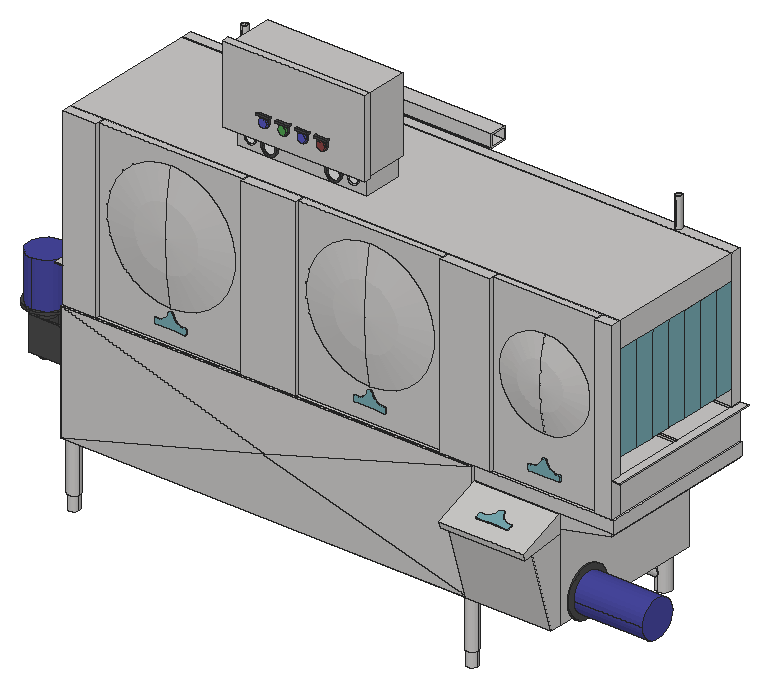
Revit family (continued)
Connectors (in)
  hvac at (92.82772, -60.65916, 59.5), driven by "Right Exhaust Volume", driven by "Right Exhaust Vent Depth", driven by "Right Exhaust Vent Width", driven by "Right Exhaust Vent Text"
    settings: on cut or joined group of Extrusion 83, Extrusion 99, index 8, duct flow 0 CFM, flow factor 0, pres drop 0.00 in-wg, loss coef 0, conn angle 0.00°, conn width 3 7/8", conn height 24 7/8", conn radius 12", duct sys type 3, conn prof type 1, flow config 1, flow direction 2, loss method 0, conn ref index -1, conn util no, is conn primary no, conn desc "Vent, Load End"
  piping at (78.82772, -48.90916, 60), driven by "Cold Water Flow"
    settings: on Extrusion 100, index 9, connector radius 3/8", flow factor 0, pipe flow 0.00 GPM, pressure drop 0.00 psi, fitting loss kfactor 0, connector angle 0.00°, fixture units 0, flow configuration 1, flow direction 1, fitting loss method 0, system type 20, connector reference index -1, connector utility 0, adjustable connector no, is connector primary no, fitting loss table "", connector description "Cold Water"
Definition of nested family "QF_Stero_ER-86S_R-L_E_HW2"
  Parameters (values of type "Nested")
    Watermarked By = "http://revitwatermark.com"
    Type Comments = "⍁⍉⌁⌀⏭⎽⌇⍠⌜⍉⎖⌥⌦⌯⍭⏊⍻⍿⍊⏵⍊⏗⏠⍴⎡⌈⎀⍠⌓⌤⏘⎐⍀⌐⏬⏁⎈⏍⏦⎒⏬⌝⍩⍇⌣〈⎫〉⎁⏊⍥⍖⍥⍝⍦⌖⍀⏌⏭⎝⎼⏷⏞⍻⏯⎽⏷⏞⍻⏯⎽⏷⎺⌻⎝⍎⌧⏷⏟⏿⌿⍜⍦⍤⌁⍬⏶⏎⍊⏚⏉⎞⌡⎀⎪⏈⌟⌿⍾⍼⌟⌿⌢⏮⏝⏝⏛⎽⎻⎷⎳⎻⎗⌾⍼⎴⏿⏰⏑⏮⍮⍺⏼⏅⎏⌽⌻⍽⎝⍮⎧⎯⏛⎼⎮⍾⏬⏇⏎⏳⏦⏠⎧⎳⍷⏿⌏"
    Plumbing Remarks [instance] = ""
    Item Number [instance] = "-"
    Hot Water Temperature [instance] = 0 °F
    Hot Water Size [instance] = 1/4"
    Hot Water RI Height [instance] = 0' - 0"
    Hot Water Minimum Pressure [instance] = 0.00 psi
    Hot Water Maximum Pressure [instance] = 0.00 psi
    Hot Water Flow [instance] = 0.00 GPM
    Hot Water Consumption [instance] = 0.00 GPM
    Hot Water Connection Height [instance] = 0' - 0"
    Description = ""
    Hot Water Size Radius [instance] = Hot Water Size / 2  # 1/8"
    Assembly Code = ""
  Reference planes (in)
    plane 1 "Center (Back)": y = 0
    plane 2: z = 0
    plane 3 "Center (Left)": x = 0
  Lines and regions (in)
    symbolic lines, style "QF_Multiple Utilities"
      curve 1: circle (0, 0, 0) r 0.125 normal (0, 0, 1)
  Dimensions and locks (in)
    "Hot Water Size Radius": radius of curve 1
    aligned and locked: level to plane 2
  Automatic sketch dimensions
    plane 1 "Center (Back)" to curve 1 = 0' - 0"
    curve 1 to plane 3 "Center (Left)" = 0' - 0"
Definition of nested family "QF_Stero_ER-86S_R-L_E_EX"
  Parameters (values of type "Nested")
    Watermarked By = "http://revitwatermark.com"
    Ventilation Remarks [instance] = ""
    Type Comments = "⍁⍉⌁⌀⏭⎽⌇⍠⌜⍉⎖⌥⌦⌯⍭⏊⍻⍿⍊⏵⍊⏗⏠⍴⎡⌈⎀⍠⌓⌤⏘⎐⍀⌐⏬⏁⎈⏍⏦⎒⏬⌝⍩⍇⌣〈⎫〉⎁⏊⍥⍖⍥⍝⍦⌖⍀⏌⏭⎝⎼⏷⏞⍻⏯⎽⏷⏞⍻⏯⎽⏷⎺⌻⎝⍎⌧⏷⏟⏿⌿⍜⍦⍤⌁⍬⏶⏎⍊⏚⏉⎞⌡⎀⎪⏈⌟⌿⍾⍼⌟⌿⌢⏮⏝⏝⏛⎽⎻⎷⎳⎻⎗⌾⍼⎴⏿⏰⏑⏮⍮⍺⏼⏅⎏⌽⌻⍽⎝⍮⎧⎯⏛⎼⎮⍾⏬⏇⏎⏳⏦⏠⎧⎳⍷⏿⌏"
    Item Number [instance] = "-"
    Exhaust Volume [instance] = 0 CFM
    Exhaust Vent Width [instance] = 1' - 4"
    Exhaust Vent Depth [instance] = 0' - 4"
    Exhaust Static Press [instance] = 0.00 in-wg
    Exhaust RI Height [instance] = 0' - 0"
    Description = ""
    Assembly Code = ""
  Reference planes (in)
    plane 1 "Center (Back)": y = 0
    plane 2: z = 0
    plane 3 "Center (Left)": x = 0
    plane 4: x = 16
    plane 5: y = -4
  Lines and regions (in)
    symbolic lines, style "QF_Multiple Utilities"
      curve 1: line (0, 0, 0) -> (16, 0, 0)
      curve 2: line (0, -4, 0) -> (0, 0, 0)
      curve 3: line (16, -4, 0) -> (0, -4, 0)
      curve 4: line (16, 0, 0) -> (16, -4, 0)
      curve 5: line (16, 0, 0) -> (0, -4, 0)
      curve 6: line (0, 0, 0) -> (16, -4, 0)
  Dimensions and locks (in)
    "Exhaust Vent Width": plane 3 "Center (Left)" to plane 4
    "Exhaust Vent Depth": plane 1 "Center (Back)" to plane 5
    aligned and locked: level to plane 2
    aligned and locked: plane 1 "Center (Back)" to curve 1
    aligned and locked: plane 3 "Center (Left)" to curve 2
    aligned and locked: curve 3 to plane 5
    aligned and locked: curve 4 to plane 4
Types (3): name | Watermarked By | Volts | FL Amps | Apparent Power
  (no name) | "" | 208 V | 87.4 A | 31450 VA
  208/60/3 | "http://revitwatermark.com" | 208 V | 87.4 A | 31450 VA
  480/60/3 | "" | 480 V | 39.6 A | 32883.8 VA
